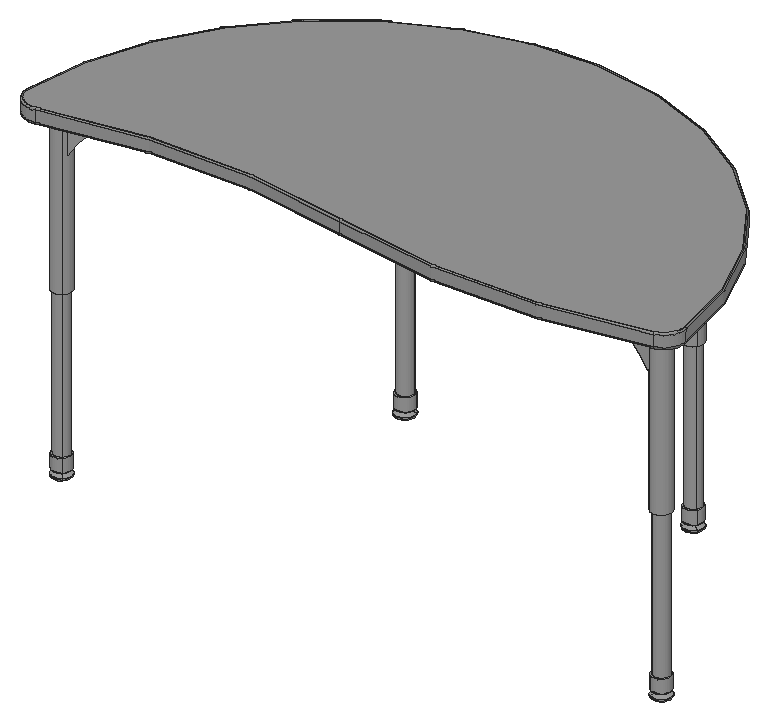
Revit family "Hierarchy Creator Half Round Table", category Furniture, Revit 2018
Family settings
  Work Plane-Based = No
  Always vertical = Yes
  Cut with Voids When Loaded = No
  Shared = No
  Room Calculation Point = No
Parameters
  Table Height = 2' - 5"
  Surface = Hierarchy Creator Half Round Table Surface
  Leg Finish = Hierarchy Leg Platinum
  Edgeband = Hierarchy Creator Half Round Table Edgeband
  Caster/Glide = Hierarchy Leg - Glide : Hierarchy Leg - Glide
Reference planes (in)
  plane 1 "Center (Front/Back)": y = 0
  plane 2: z = 0
  plane 3 "Center (Left/Right)": x = 0
  plane 4 "Table Height": z = 29
Dimensions and locks (in)
  "Table Height": plane 4 "Table Height" to level
  aligned and locked: plane 2 to level
  aligned and locked: nested 1 to plane 4 "Table Height"
Nested families (in)
  nested 1: "Creator Half Circle Tabletop" at (0, 0, 1.8582478), type "Creator Half Circle Tabletop"
  nested 2: "Hierarchy Leg - Glide" at (-13.4182729, 11.2589245, 0) x (0.8755, 0.4833, 0) z (0, 0, 1), type <- "Caster/Glide", Leg Finish <- "Leg Finish", Leg Height <- "Table Height", type "Hierarchy Leg - Glide"
  nested 3: "Hierarchy Leg - Glide" at (-26.6744512, -10.3574362, 0) x (-0.7071, 0.7071, 0) z (0, 0, 1), Leg Finish <- "Leg Finish", Leg Height <- "Table Height", type "Hierarchy Leg - Glide"
    with Leg Height 2' - 5", Leg Finish Hierarchy Leg Platinum
  nested 4: "Hierarchy Leg - Glide" at (25.4066178, -8.7895954, 0) x (-0.4746, -0.8802, 0) z (0, 0, 1), Leg Finish <- "Leg Finish", Leg Height <- "Table Height", type "Hierarchy Leg - Glide"
    with Leg Height 2' - 5", Leg Finish Hierarchy Leg Platinum
  nested 5: "Hierarchy Leg - Glide" at (12.2019922, 11.2589245, 0) x (0.8755, -0.4833, 0) z (0, 0, 1), type <- "Caster/Glide", Leg Finish <- "Leg Finish", Leg Height <- "Table Height", type "Hierarchy Leg - Glide"
Definition of nested family "Creator Half Circle Tabletop"
  Parameters (values of type "Creator Half Circle Tabletop")
    Surface = none
    Leg Finish = none
    Edgeband = none
  Reference planes (in)
    plane 1 "Center (Front/Back)": y = 0
    plane 2: z = 0
    plane 3 "Center (Left/Right)": x = 0
  Forms (in)
    Extrusion 1, solid, material <- "Surface"
      sketch origin (0, 25, 0) x (1, 0, 0) y (0, 1, 0)
        loop
          arc (-29.0328012, -36.1313963) -> (-28.3962445, -37.52084) -> (-26.9001698, -37.8331198) r 1.6949594
          arc (-26.9001698, -37.8331198) -> (-13.7764563, -35.8814433) -> (-0.5518813, -36.9545294) r 58.1675753
          arc (-0.5518813, -36.9545294) -> (13.0065994, -37.9980836) -> (26.4313092, -35.8304646) r 57.5369656
          arc (26.4313092, -35.8304646) -> (27.372725, -35.1432732) -> (27.6454918, -34.0100945) r 1.6902204
          arc (27.6454918, -34.0100945) -> (18.4487341, -16.1675147) -> (-0.2323556, -8.8221155) r 28.481814
          arc (-0.2323556, -8.8221155) -> (-20.1964424, -16.609089) -> (-29.0328012, -36.1313963) r 28.3942762
      from 27.1417522 to 28.3917532
    Sweep 2, solid, material <- "Edgeband"
      path in 3D
        loop
          arc (-0.5518813, -11.9545294, 28.3917532) -> (-13.7764563, -10.8814433, 28.3917532) -> (-26.9001698, -12.8331198, 28.3917532) r 58.1675753
          arc (-26.9001698, -12.8331198, 28.3917532) -> (-28.3962445, -12.52084, 28.3917532) -> (-29.0328012, -11.1313963, 28.3917532) r 1.6949594
          arc (-29.0328012, -11.1313963, 28.3917532) -> (-20.1964424, 8.390911, 28.3917532) -> (-0.2323556, 16.1778845, 28.3917532) r 28.3942762
          arc (-0.2323556, 16.1778845, 28.3917532) -> (18.4487341, 8.8324853, 28.3917532) -> (27.6454918, -9.0100945, 28.3917532) r 28.481814
          arc (27.6454918, -9.0100945, 28.3917532) -> (27.372725, -10.1432732, 28.3917532) -> (26.4313092, -10.8304646, 28.3917532) r 1.6902204
          arc (26.4313092, -10.8304646, 28.3917532) -> (13.0065994, -12.9980836, 28.3917532) -> (-0.5518813, -11.9545294, 28.3917532) r 57.5369656
      profile origin (13.0065994, -12.9980836, 28.3917532) x (0.041622, -0.999133, 0) y (0, 0, 1)
        loop
          arc (0, -1.250001) -> (0.0953745, -1.2104955) -> (0.13488, -1.115121) r 0.13488
          line (0.13488, -1.115121) -> (0.13488, -0.13488)
          arc (0.13488, -0.13488) -> (0.0953745, -0.0395054) -> (0, 0) r 0.13488
          line (0, 0) -> (0, -1.250001)
    Extrusion 3, solid, material <- "Leg Finish"
      sketch origin (0, 0, 0) x (1, 0, 0) y (0, 1, 0)
        loop
          line (21, -2.9296196) -> (-22.25, -2.9296196) -> (-22.25, -3.9296196) -> (21, -3.9296196) -> (21, -2.9296196)
      from 26.1417522 to 27.1417522
  Lines and regions (in)
    sketch lines
      curve 1: arc (26.4313092, -10.8304646, 28.3917532) -> (13.0065994, -12.9980836, 28.3917532) -> (-0.5518813, -11.9545294, 28.3917532) r 57.5369656
      curve 2: arc (-0.5518813, -11.9545294, 28.3917532) -> (-13.7764563, -10.8814433, 28.3917532) -> (-26.9001698, -12.8331198, 28.3917532) r 58.1675753
      curve 3: arc (-26.9001698, -12.8331198, 28.3917532) -> (-28.3962445, -12.52084, 28.3917532) -> (-29.0328012, -11.1313963, 28.3917532) r 1.6949594
      curve 4: arc (-29.0328012, -11.1313963, 28.3917532) -> (-20.1964424, 8.390911, 28.3917532) -> (-0.2323556, 16.1778845, 28.3917532) r 28.3942762
      curve 5: arc (-0.2323556, 16.1778845, 28.3917532) -> (18.4487341, 8.8324853, 28.3917532) -> (27.6454918, -9.0100945, 28.3917532) r 28.481814
      curve 6: arc (27.6454918, -9.0100945, 28.3917532) -> (27.372725, -10.1432732, 28.3917532) -> (26.4313092, -10.8304646, 28.3917532) r 1.6902204
  Dimensions and locks (in)
    aligned and locked: plane 2 to level
Definition of nested family "Hierarchy Leg - Glide"
  Parameters (values of type "Hierarchy Leg - Glide")
    Leg Finish [instance] = none
    Leg Height [instance] = 2' - 5"
  Reference planes (in)
    plane 1 "Center (Front/Back)": y = 0
    plane 2: z = 0
    plane 3 "Center (Left/Right)": x = 0
  Forms (in)
    Extrusion 1, solid
      sketch origin (-0.015625, 0, 0) x (1, 0, 0) y (0, 1, 0)
        loop
          circle (0.015625, 0) r 0.6701606
      from 0.6761811 to 16.1761811
    Revolve 2, solid
      sketch origin (0, 0, 0) x (1, 0, 0) y (0, 0, 1)
        loop
          line (-0.7318851, 1.8011811) -> (-0.7943912, 1.7386749) -> (-0.7943912, 0.613811) -> (-0.7317613, 0.5511811) -> (-0.1250031, 0.5511811) -> (-0.1250031, 0.4261832) -> (-0.8465643, 0.1624109) -> (-0.8465643, 0.0899363) -> (-0.8135931, 0) -> (0, 0) -> (0, 1.8011811) -> (-0.7318851, 1.8011811)
        axis (0, 1.8011811) -> (0, 0)
      angle from 0 to 360
  Dimensions and locks (in)
    "Leg Height": nested 1 to level
    aligned and locked: plane 2 to level
  Automatic sketch dimensions
    plane 1 "Center (Front/Back)" to Extrusion 1 sketch curve = 0' - 0"
    Extrusion 1 sketch curve to plane 3 "Center (Left/Right)" = 0' - 0"
    Revolve 2 sketch curve to level = 0' - 0"
    Revolve 2 sketch curve to plane 3 "Center (Left/Right)" = 0' - 0"  (x2)
    Revolve 2 sketch curve to plane 3 "Center (Left/Right)" = 0' - 0 1/8"
    Revolve 2 sketch curve to Revolve 2 sketch curve = 0' - 0.60676"
    Revolve 2 sketch curve to Revolve 2 sketch curve = 0' - 0.73189"
    Revolve 2 sketch curve to Revolve 2 sketch curve = 0' - 0.06263"  (x2)
    Revolve 2 sketch curve to Revolve 2 sketch curve = 0' - 0.08183"
    Revolve 2 sketch curve to Revolve 2 sketch curve = 0' - 0.03297"
    level to Revolve 2 sketch curve = 0' - 0.08994"
    Revolve 2 sketch curve to Revolve 2 sketch curve = 0' - 0.07247"
    level to Revolve 2 sketch curve = 0' - 0.42618"
    Revolve 2 sketch curve to Revolve 2 sketch curve = 0' - 0 1/8"
    Revolve 2 sketch curve to Revolve 2 sketch curve = 0' - 1.12486"
    Revolve 2 sketch curve to Revolve 2 sketch curve = 0' - 0 1/16"
    Revolve 2 sketch curve to level = 2' - 0"
    Revolve 2 sketch curve to Revolve 2 sketch curve = 8' - 4.91764"
    radius of Extrusion 1 sketch curve = 0' - 0.67016"
  Nested families (in)
    nested 1: "Hierarchy Upper Leg 2023" at (0, 0, 1.1978346), Shapes Leg Finish <- "Leg Finish", type "Hierarchy Upper Leg 2023"
      with Shapes Leg Finish none
  Definition of nested family "Hierarchy Upper Leg 2023"
    Parameters (values of type "Hierarchy Upper Leg 2023")
      Shapes Leg Finish [instance] = none
    Reference planes (in)
      plane 1 "Center (Front/Back)": y = 0
      plane 2: z = 0
      plane 3 "Center (Left/Right)": x = 0
    Forms (in)
      Extrusion 1, solid, material <- "Shapes Leg Finish"
        sketch origin (0, 0, 0) x (1, 0, 0) y (0, 1, 0)
          loop
            circle (0, 0) r 0.8480181
        from 13.6761811 to 27.6761811
      Extrusion 2, solid, material <- "Shapes Leg Finish"
        sketch origin (0, 0, 0) x (1, 0, 0) y (0, 1, 0)
          loop
            line (-1.7017431, 0.1918316) -> (-2.8862648, -2.2611586)
            arc (-2.8862648, -2.2611586) -> (-2.839928, -3.0982194) -> (-2.1062992, -3.503937) r 0.8661417
            line (-2.1062992, -3.503937) -> (2.1062992, -3.503937)
            arc (2.1062992, -3.503937) -> (2.839928, -3.0982194) -> (2.8862648, -2.2611586) r 0.8661417
            line (2.8862648, -2.2611586) -> (1.7017431, 0.1918316)
            arc (1.7017431, 0.1918316) -> (0, 1.2598425) -> (-1.7017431, 0.1918316) r 1.8897638
        from 27.6761811 to 27.8021654
      Extrusion 3, solid, material <- "Shapes Leg Finish"
        sketch origin (-1.4851906, 8.6652431, 0) x (-0.434844, 0.900506, 0) y (0, 0, 1)
          loop
            line (-9.014247, 27.6761811) -> (-11.8095226, 27.6761811)
            arc (-11.8095226, 27.6761811) -> (-11.9232546, 27.5899308) -> (-11.8708805, 27.4571489) r 0.1181102
            arc (-11.8708805, 27.4571489) -> (-10.3936377, 26.2967904) -> (-9.2332792, 24.8195476) r 7.8740157
            arc (-9.2332792, 24.8195476) -> (-9.1004973, 24.7671735) -> (-9.014247, 24.8809055) r 0.1181102
            line (-9.014247, 24.8809055) -> (-9.014247, 27.6761811)
        from -1.9407463 to -1.8147621
      Extrusion 4, solid, material <- "Shapes Leg Finish"
        sketch origin (1.4851906, 8.6652431, 0) x (0.434844, 0.900506, 0) y (0, 0, -1)
          loop
            line (-9.014247, -27.6761811) -> (-9.014247, -24.8809055)
            arc (-9.014247, -24.8809055) -> (-9.1004973, -24.7671735) -> (-9.2332792, -24.8195476) r 0.1181102
            arc (-9.2332792, -24.8195476) -> (-10.3936377, -26.2967904) -> (-11.8708805, -27.4571489) r 7.8740157
            arc (-11.8708805, -27.4571489) -> (-11.9232546, -27.5899308) -> (-11.8095226, -27.6761811) r 0.1181102
            line (-11.8095226, -27.6761811) -> (-9.014247, -27.6761811)
        from -1.9407463 to -1.8147621
    Dimensions and locks (in)
      aligned and locked: plane 2 to level
